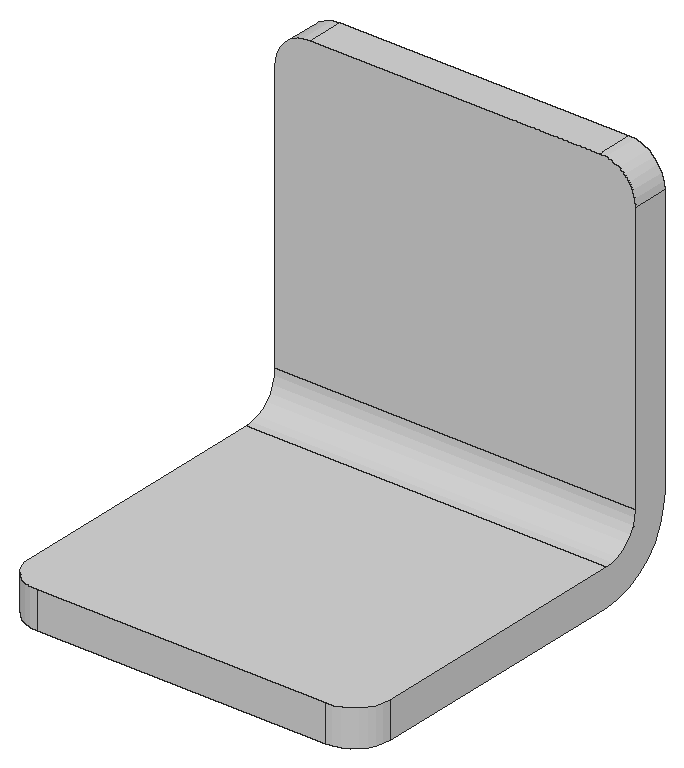
Revit family "Mount_RigidRail_Kattsafe_Floor", category Specialty Equipment, Revit 2025
Family settings
  Round Connector Dimension = Use Diameter
  Part Type = Normal
  OmniClass Number = 23.27.71.21
  Work Plane-Based = No
  Enable Cutting in Views = No
  Always vertical = Yes
  Cut with Voids When Loaded = No
  Maintain Annotation Orientation = No
  Shared = No
  Room Calculation Point = No
Parameters (values of type "100mm Bracket (OH266.100)")
  Uniclass2015Version = "Products v1.23"
  Uniclass2015Title = "Brackets"
  Uniclass2015Code = "Pr_20_85_09"
  URL = "https://kattsafe.com.au/"
  Type IFC Predefined Type = "USERDEFINED"
  Type Comments = "Floor Mount Bracket - 100mm"
  Thickness = if([100Bracket], 10 mm, 6 mm)  # 10 mm
  SafetyDisclaimer [instance] = "WARNING! The correct placement of access, fall protection and facade maintenance systems is critical to ensure it is fit-for-purpose and safe for the operator to use. Did you know Kattsafe® have a dedicated team of Height Safety System Design Specialists? Kattsafe® provide one-on-one consultation and system design assistance to ensure you are meeting the stringent requirements of height safety and to give you PEACE OF MIND with your project."  # constant formula
  OuterRadiusCalc = Thickness * 2  # 20 mm
  ModifiedIssue = 20240430
  Model = "OH266.100"
  ManufacturerURLProductSpecific = "https://kattsafe.com.au/products/rigid-rails"
  ManufacturerSpecCode = Model  # "OH266.100"
  ManufacturerOverallWidth = 100 mm  # constant formula
  ManufacturerOverallHeight = if([100Bracket], 105 mm, 230 mm)  # 105 mm
  ManufacturerOverallDepth = if([100Bracket], 105 mm, 300 mm)  # 105 mm
  ManufacturerHeightFromFFL [instance] = 0 mm
  Manufacturer = "Kattsafe®"  # constant formula
  IfcExportType = "USERDEFINED"
  IfcExportAs = "IfcBuildingElementProxy"
  Export Type to IFC As = "IfcBuildingElementProxy"
  Description = "Rigid rails provide significant spanning capabilities, making them very versatile where there are limited support structures. The high strength aluminium construction, along with the unique t-bolt assembly makes it a very simple and easily adaptable system to install."  # constant formula
  Default Elevation = 0 mm
  CreatedByURL = "https://igsgroup.com.au"
  CreatedBy = "IGS BIM Solutions"  # constant formula
  Assembly Code = "E1090100"
  200Bracket = not([100Bracket])  # no
  100Bracket = yes
Types (2, lengths in mm): name | Type Comments | Thickness | OuterRadiusCalc | Model | ManufacturerSpecCode | ManufacturerOverallHeight | ManufacturerOverallDepth | 200Bracket | 100Bracket
  100mm Bracket (OH266.100) | "Floor Mount Bracket - 100mm" | 10 | 20 | "OH266.100" | "OH266.100" | 105 | 105 | no | yes
  200mm Bracket (OH266.200) | "Floor Mount Bracket - 200mm" | 6 | 12 | "OH266.200" | "OH266.200" | 230 | 300 | yes | no
Reference planes
  plane 1 "Center (Front/Back)": y = 247.5
  plane 2 "Ref. Level": z = 0
  plane 3 "Centre (Left/Right)": x = 0
  plane 4 "Back": y = 300
  plane 5 "Front": y = 195
  plane 6 "Right": x = 50
  plane 7 "Left": x = -50
  plane 8 "Bottom": z = 0
  plane 9 "Centre (Elevation)": z = 52.5
  plane 10 "Top": z = 105
Forms (mm)
  Extrusion 1, solid, material "Steel_Stainless_Kattsafe_Satin", visible <- "100Bracket"
    sketch origin (0, 0, 0) x (0, 1, 0) y (0, 0, 1)
      loop
        line (300, 105) -> (290, 105) -> (290, 20)
        arc (290, 20) -> (287.071, 12.929) -> (280, 10) r 10
        line (280, 10) -> (195, 10) -> (195, 0) -> (280, 0)
        arc (280, 0) -> (294.142, 5.858) -> (300, 20) r 20
        line (300, 20) -> (300, 105)
    from -50 to 50
  Extrusion 2, void
    sketch origin (0, 247.5, 0) x (1, 0, 0) y (0, 0, 1)
      loop
        line (-50, 105) -> (-50, 95)
        arc (-50, 95) -> (-47.071, 102.071) -> (-40, 105) r 10
        line (-40, 105) -> (-50, 105)
      loop
        line (50, 105) -> (40, 105)
        arc (40, 105) -> (47.071, 102.071) -> (50, 95) r 10
        line (50, 95) -> (50, 105)
    from -52.5 to -42.5
  Extrusion 3, void
    sketch origin (0, 0, 0) x (0, -1, 0) y (1, 0, 0)
      loop
        line (-205, -50) -> (-195, -50) -> (-195, -40)
        arc (-195, -40) -> (-197.929, -47.071) -> (-205, -50) r 10
      loop
        arc (-205, 50) -> (-197.929, 47.071) -> (-195, 40) r 10
        line (-195, 40) -> (-195, 50) -> (-205, 50)
    from 0 to 10
  Extrusion 4, solid, material "Steel_Galvanised_Kattsafe", visible <- "200Bracket"
    sketch origin (0, 0, 0) x (0, 1, 0) y (0, 0, 1)
      loop
        line (300, 105) -> (288, 105) -> (250, 67) -> (250, 50) -> (195, 50) -> (195, 0) -> (288, 0)
        arc (288, 0) -> (296.485, 3.515) -> (300, 12) r 12
        line (300, 12) -> (300, 105)
    from -50 to 50
  Extrusion 5, void
    sketch origin (0, 0, 0) x (1, 0, 0) y (0, 1, 0)
      loop
        line (-44, 294) -> (-44, 195) -> (44, 195) -> (44, 294) -> (-44, 294)
    from 6 to 105
Cuts and joins
  Extrusion 2, Extrusion 3 cuts Extrusion 1
  Extrusion 5 cuts Extrusion 4
Lines and regions (mm)
  Masking region 1, visible <- "200Bracket"
    outline origin (0, 0, 0) x (0, -1, 0) y (1, 0, 0)
      loop
        arc (-300, -38) -> (-296.485, -46.485) -> (-288, -50) r 12
        line (-288, -50) -> (-195, -50) -> (-195, 50) -> (-288, 50)
        arc (-288, 50) -> (-296.485, 46.485) -> (-300, 38) r 12
        line (-300, 38) -> (-300, -38)
  Masking region 2, visible <- "100Bracket"
    outline origin (0, 0, 0) x (0, -1, 0) y (1, 0, 0)
      loop
        line (-300, 50) -> (-300, -50) -> (-205, -50)
        arc (-205, -50) -> (-197.929, -47.071) -> (-195, -40) r 10
        line (-195, -40) -> (-195, 40)
        arc (-195, 40) -> (-197.929, 47.071) -> (-205, 50) r 10
        line (-205, 50) -> (-300, 50)
  symbolic lines, style "Fall Arrest Systems", visible <- "200Bracket"
    curve 1: line (-44, 288, 0) -> (-44, 195, 0)
    curve 2: line (44, 195, 0) -> (44, 288, 0)
    curve 3: line (38, 294, 0) -> (-38, 294, 0)
    curve 4: arc (-44, 288, 0) -> (-42.243, 292.243, 0) -> (-38, 294, 0) r 6
    curve 5: arc (38, 294, 0) -> (42.243, 292.243, 0) -> (44, 288, 0) r 6
  symbolic lines, style "Fall Arrest Systems", visible <- "100Bracket"
    curve 6: line (-50, 290, 0) -> (50, 290, 0)
Text (mm)
  text "Disclaimer:\nDue to ongoing product development and manufacturing \nevolution, product details are subject to change without \nnotice. Please refer to product technical data sheets on \nthe manufacturers website for the most current product \ninformation. Please allow a +/- 5mm manufacturing \ntolerance for dimensions and set-outs shown in product \nliterature." at (790.104, 280.885, 0), in view "Ref. Level"
Dimensions and locks
  equal spacing: plane 7 "Left", plane 3 "Centre (Left/Right)", plane 6 "Right"
  "ManufacturerOverallWidth": plane 7 "Left" to plane 6 "Right"
  equal spacing: plane 5 "Front", plane 1 "Center (Front/Back)", plane 4 "Back"
  "ManufacturerOverallDepth": plane 5 "Front" to plane 4 "Back"
  equal spacing: plane 10 "Top", plane 9 "Centre (Elevation)", plane 8 "Bottom"
  "ManufacturerOverallHeight": plane 10 "Top" to plane 8 "Bottom"
  "ManufacturerHeightFromFFL": plane 8 "Bottom" to plane 2 "Ref. Level"
  "Thickness": plane 4 "Back" to Extrusion 1 sketch curve
  "Thickness": plane 8 "Bottom" to Extrusion 1 sketch curve
  locked: plane 4 "Back" to Extrusion 4 sketch curve at 50
  locked: plane 8 "Bottom" to Extrusion 4 sketch curve at 50
  locked: plane 7 "Left" to Extrusion 5 sketch curve at 6
  locked: Extrusion 5 sketch curve to plane 6 "Right" at 6
  locked: Extrusion 5 sketch curve to plane 4 "Back" at 6
  "Thickness": radius of Extrusion 1 sketch curve
  "OuterRadiusCalc": radius of Extrusion 1 sketch curve
  radius of Extrusion 2 sketch curve = 10 mm  (x2)
  radius of Extrusion 3 sketch curve = 10 mm  (x2)
  radius of Extrusion 4 sketch curve = 12 mm
  radius of Masking region 1 sketch curve = 12 mm  (x2)
  radius of curve 5 = 6 mm
  radius of curve 4 = 6 mm
  radius of Masking region 2 sketch curve = 10 mm  (x2)
  locked: Extrusion 4 sketch curve to plane 10 "Top" (angle 45.00°)
  aligned and locked: level to plane 2 "Ref. Level"
  aligned and locked: plane 4 "Back" to Extrusion 1 sketch curve
  aligned and locked: plane 10 "Top" to Extrusion 1 sketch curve
  aligned and locked: Extrusion 1 sketch curve to plane 8 "Bottom"
  aligned and locked: Extrusion 1 sketch curve to plane 5 "Front"
  aligned and locked: Extrusion 1 to plane 7 "Left"
  aligned and locked: plane 6 "Right" to Extrusion 1
  aligned and locked: Extrusion 2 sketch curve to plane 7 "Left"
  aligned and locked: plane 10 "Top" to Extrusion 2 sketch curve
  aligned and locked: Extrusion 2 sketch curve to plane 10 "Top"
  aligned and locked: Extrusion 2 sketch curve to plane 6 "Right"
  aligned and locked: Extrusion 2 to plane 4 "Back"
  aligned and locked: Extrusion 1 to Extrusion 2
  aligned and locked: Extrusion 3 sketch curve to plane 7 "Left"
  aligned and locked: plane 5 "Front" to Extrusion 3 sketch curve
  aligned and locked: Extrusion 3 sketch curve to plane 5 "Front"
  aligned and locked: Extrusion 3 sketch curve to plane 6 "Right"
  aligned and locked: plane 8 "Bottom" to Extrusion 3
  aligned and locked: Extrusion 3 to cut or joined group of Extrusion 1, Extrusion 2, Extrusion 3
  aligned and locked: Extrusion 4 sketch curve to plane 8 "Bottom"
  aligned and locked: Extrusion 4 sketch curve to plane 5 "Front"
  aligned and locked: plane 10 "Top" to Extrusion 4 sketch curve
  aligned and locked: plane 4 "Back" to Extrusion 4 sketch curve
  aligned and locked: Extrusion 4 to plane 7 "Left"
  aligned and locked: plane 6 "Right" to Extrusion 4
  aligned and locked: Extrusion 5 sketch curve to plane 5 "Front"
  aligned and locked: Extrusion 5 to plane 10 "Top"
  aligned and locked: Masking region 1 sketch curve to plane 6 "Right"
  aligned and locked: plane 7 "Left" to Masking region 1 sketch curve
  aligned and locked: Masking region 1 sketch curve to plane 5 "Front"
  aligned and locked: plane 4 "Back" to Masking region 1 sketch curve
  aligned and locked: Masking region 2 sketch curve to plane 4 "Back"
  aligned and locked: Masking region 2 sketch curve to plane 5 "Front"
  aligned and locked: Masking region 2 sketch curve to plane 6 "Right"
  aligned and locked: Masking region 2 sketch curve to plane 7 "Left"
  aligned and locked: curve 6 to cut or joined group of Extrusion 1, Extrusion 2, Extrusion 3
Automatic sketch dimensions
  plane 4 "Back" to Extrusion 4 sketch curve = 12 mm
  plane 5 "Front" to curve 1 = 0 mm
  plane 5 "Front" to curve 2 = 0 mm
  plane 4 "Back" to curve 4 = 12 mm
  plane 7 "Left" to curve 1 = 6 mm
  curve 2 to plane 6 "Right" = 6 mm
  curve 6 to plane 7 "Left" = 0 mm
  curve 6 to plane 6 "Right" = 0 mm
